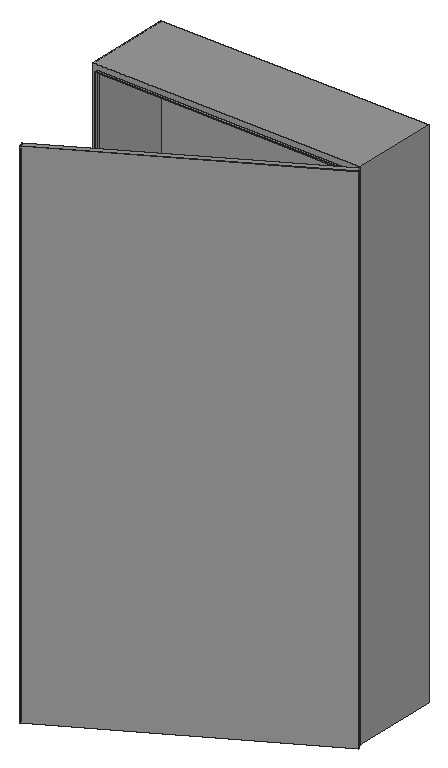
Revit family "Hager-Univers-IP55-D275-H1550-Cl.I-Steel_encl-NoHosted-SE-en", category Equipement électrique, Revit 2020
Family settings
  Configuration du panneau = Deux colonnes, circuits au sein
  Cote de connecteur circulaire = Utiliser le diamètre
  Type d'élément = Tableau de raccordement
  Basée sur le plan de construction = Oui
  Toujours verticalement = Oui
  Couper avec des vides une fois chargée = Non
  Partagée = Non
  Point de calcul de pièce = Non
Parameters (values of type "Surface mounted (plaster) IP55 W800 H1550 D275  - FR03E")
  Width Control [instance] = if([EF000008 - Width] > Min Width, [EF000008 - Width], Min Width)  # 800 mm
  Commentaires du type = [HG000003 - Range]  # "Univers"
  Thickness Door [instance] = if([EF009171 - Material plate thickness door/cover] > 3 mm, 3 mm, [EF009171 - Material plate thickness door/cover])  # 1.5 mm
  Seal Frame Offset [instance] = 17 mm  # constant formula
  Plinth Visibility [instance] = [HG000027 - Plinth height] > 0 mm  # no
  Min Width [instance] = 100 mm  # constant formula
  Min Depth [instance] = (2 * [EF009170 - Material plate thickness cabinet]) + 1 mm  # 4 mm
  Min Height [instance] = 100 mm  # constant formula
  Internal Frame Depth [instance] = (Door System Depth * 0.5)  # 9 mm
  Panel Name [instance] = ""  # (empty or 0)
  Model = ""
  HG000027 - Plinth height = 0 mm
  HG000026 - Floor standing = no
  HG000024 - Bottom section height = 600 mm
  HG000023 - Double section enclosure = no
  HG000016 - Door 3d visibility [instance] = yes
  HG000015 - Clearance visibility [instance] = no
  HG000014 - Door on the right [instance] = yes
  HG000013 - Door on the left [instance] = not([HG000014 - Door on the right])  # no
  HG000012 - Door swing angle [instance] = 30.00°
  HG000010 - Asymmetric doors = no
  HG000009 - Double swing door = no
  HG000006 - Flush mounted = no
  HG000004 - Manufacturer reference = "FR03E"
  HG000003 - Range = "Univers"
  HG000002 - With door or cover = yes
  Frame Offset Bottom [instance] = 10 mm  # constant formula
  Frame Offset [instance] = 15 mm  # constant formula
  EF015940 - Cover with overpressure release = no
  EF011959 - Degree of protection (NEMA) = ""
  EF009554 - Number of openings for flange plates = 6
  EF009212 - Cover model = "EV000116 - Closed"
  EF009171 - Material plate thickness door/cover = 1.5 mm
  EF009170 - Material plate thickness cabinet = 1.5 mm
  EF008873 - Nominal current (In) = 800 A
  EF007800 - Suitable for lightning protection = no
  EF006306 - With lock = no
  EF006244 - Transparent cover/door = no
  EF005474 - Degree of protection (IP) = "EV006420 - IP55"
  EF004464 - Type of door = "EV002646 - Single"
  EF004427 - Number of modules = 360
  EF004293 - Impact strength = "EV008784 - IK10"
  EF003532 - Suitable for outdoor use = no
  EF002950 - Width in number of modular spacings = 24
  EF001613 - Circuit integrity = "EV000494 - None"
  EF001596 - Material housing = "EV000179 - Steel"
  EF001131 - Internal depth = 275 mm
  EF001088 - Extension possible = yes
  EF000437 - Number of conduit inlets = 6
  EF000339 - Type of cover = "EV004216 - Door"
  EF000266 - Number of rows = 10
  EF000218 - Built-in depth = 0 mm
  EF000118 - With mounting plate = no
  EF000116 - RAL-number = "7035"
  EF000049 - Depth = 275 mm
  EF000040 - Height = 1550 mm
  EF000008 - Width = 800 mm
  EF000007 - Colour = "EV000270 - Grey"
  EF000003 - Mounting method = "EV000384 - Surface mounted (plaster)"
  Door System Leaf Tolerance [instance] = 1.5 mm  # constant formula
  Door System Depth [instance] = 18 mm  # constant formula
  Door Height [instance] = Height Control - [HG000027 - Plinth height]  # 1550 mm
  Description = ""
  Default Elevation = 1219.2 mm
  Connector Offset [instance] = Height Control / 2  # 775 mm
  Fabricant = "Hager"  # constant formula
  Height Control [instance] = if([EF000040 - Height] > Min Height, [EF000040 - Height], Min Height)  # 1550 mm
  Depth Control [instance] = if([EF000049 - Depth] > Min Depth, [EF000049 - Depth], Min Depth)  # 275 mm
  Bottom Top Plate Trim [instance] = 1.5 mm  # constant formula
  Plinth height Ctrl [instance] = if([HG000027 - Plinth height] > 0 mm, [HG000027 - Plinth height], 12 mm)  # 12 mm
Types (5, lengths in mm): name | Width Control | HG000010 - Asymmetric doors | HG000009 - Double swing door | HG000004 - Manufacturer reference | EF009554 - Number of openings for flange plates | EF004464 - Type of door | EF004427 - Number of modules | EF000437 - Number of conduit inlets | EF000008 - Width
  Surface mounted (plaster) IP55 W1050 H1550 D275  - FR04E | 1050 | no | yes | "FR04E" | 8 | "EV003602 - Double" | 480 | 8 | 1050
  Surface mounted (plaster) IP55 W1300 H1550 D275  - FR05E | 1300 | yes | yes | "FR05E" | 10 | "EV003602 - Double" | 600 | 10 | 1300
  Surface mounted (plaster) IP55 W300 H1550 D275  - FR01E | 300 | no | no | "FR01E" | 2 | "EV002646 - Single" | 120 | 2 | 300
  Surface mounted (plaster) IP55 W550 H1550 D275  - FR02E | 550 | no | no | "FR02E" | 4 | "EV002646 - Single" | 240 | 4 | 550
  Surface mounted (plaster) IP55 W800 H1550 D275  - FR03E | 800 | no | no | "FR03E" | 6 | "EV002646 - Single" | 360 | 6 | 800
Reference planes
  plane 1 "Center (Front/Back)": y = 0
  plane 2: z = 0
  plane 3 "Center (Left/Right)": x = 0
  plane 4: y = 0
  plane 5: y = 0
  plane 6: z = 0
  plane 7: x = -400
  plane 8: x = 400
  plane 9: x = 398.5
  plane 10: x = -398.5
  plane 11: z = 0
  plane 12: z = 1.5
  plane 13: y = -275
  plane 14: y = -1.5
  plane 15: x = 0
  plane 16: y = -257
  plane 17: y = -273.5
  plane 18: y = -255.5
  plane 19: x = -383.5
  plane 20: x = 383.5
  plane 21: z = 11.5
  plane 22: x = -383
  plane 23: x = 383
  plane 24: z = 0
  plane 25: z = 1550
  plane 26: z = 1550
  plane 27: z = 1533.5
  plane 28: z = 1548.5
Forms (mm)
  Extrusion 1, solid, material "Hager_Steel_RAL7035_Light_Grey", detail levels medium+fine
    sketch origin (-208.679, -4572, 0) x (-1, 0, 0) y (0, -1, 0)
      loop
        line (191.321, -4315) -> (-608.679, -4315) -> (-608.679, -4572) -> (191.321, -4572) -> (191.321, -4315)
    from 0 to 1550
  Extrusion 2, void
    sketch origin (-350.771, -275, 1219.2) x (1, 0, 0) y (0, 0, 1)
      loop
        line (-47.729, 329.3) -> (-47.729, -1217.7) -> (749.271, -1217.7) -> (749.271, 329.3) -> (-47.729, 329.3)
    from -19.5 to -273.5
  Extrusion 3, void
    sketch origin (-290.084, -257, 1219.2) x (1, 0, 0) y (0, 0, 1)
      loop
        line (-93.416, -1207.7) -> (673.584, -1207.7) -> (673.584, 314.3) -> (-93.416, 314.3) -> (-93.416, -1207.7)
    from 0 to -1.5
  Extrusion 4, solid, material "Hager_Steel_RAL7035_Light_Grey", visible <- "Plinth Visibility", detail levels medium+fine
    sketch origin (0, 0, 0) x (1, 0, 0) y (0, 1, 0)
      loop
        line (-400, 0) -> (-400, -257) -> (400, -257) -> (400, 0) -> (-400, 0)
    from 0 to 12 <- "Plinth height Ctrl"
  Extrusion 5, solid, material "Hager_Steel_RAL7035_Light_Grey", detail levels coarse
    sketch origin (0, 0, 0) x (1, 0, 0) y (0, 1, 0)
      loop
        line (-400, 0) -> (-400, -275) -> (400, -275) -> (400, 0) -> (-400, 0)
    from 0 to 1550 <- "Height Control"
  Sweep 6, void
    path in 3D
      loop
        line (-400, -257, 12) -> (400, -257, 12) -> (400, 0, 12) -> (-400, 0, 12) -> (-400, -257, 12)
    profile origin (-400, -128.5, 12) x (1, 0, 0) y (0, 0, 1)
      loop
        line (0, 0) -> (0, -1.5) -> (1.5, -1.5)
        arc (1.5, -1.5) -> (1.061, -0.439) -> (0, 0) r 1.5
  Extrusion 7, solid, material "Hager_Steel_RAL7035_Light_Grey", detail levels fine
    sketch origin (-400, -257, 0) x (1, 0, 0) y (0, 0, 1)
      loop
        line (16.5, 11.5) -> (783.5, 11.5) -> (783.5, 1533.5) -> (16.5, 1533.5) -> (16.5, 11.5)
      loop
        line (15, 10) -> (785, 10) -> (785, 1535) -> (15, 1535) -> (15, 10)
    from 0 to 9 <- "Internal Frame Depth"
Cuts and joins
  Extrusion 2, Extrusion 3 cuts Extrusion 1
  Sweep 6 cuts Extrusion 4
Lines and regions (mm)
  Masking region 1
    outline origin (0, 0, 0) x (1, 0, 0) y (0, 1, 0)
      loop
        line (-400, 0) -> (-400, -275) -> (400, -275) -> (400, 0) -> (-400, 0)
  Masking region 2, detail levels coarse
    outline origin (-290.084, -257, 1219.2) x (-1, 0, 0) y (0, 0, 1)
      loop
        line (-690.084, -1219.2) -> (109.916, -1219.2) -> (109.916, 330.8) -> (-690.084, 330.8) -> (-690.084, -1219.2)
  Masking region 3, detail levels coarse
    outline origin (0, 0, 0) x (0, 1, 0) y (0, 0, 1)
      loop
        line (0, 0) -> (0, 1550) -> (-275, 1550) -> (-275, 0) -> (0, 0)
  Masking region 4, visible <- "Plinth Visibility", detail levels medium+fine
    outline origin (0, 0, 0) x (0, 1, 0) y (0, 0, 1)
      loop
        line (-1.5, 12) -> (-255.5, 12)
        arc (-255.5, 12) -> (-255.939, 10.939) -> (-257, 10.5) r 1.5
        line (-257, 10.5) -> (-257, 0) -> (0, 0) -> (0, 10.5)
        arc (0, 10.5) -> (-1.061, 10.939) -> (-1.5, 12) r 1.5
  Masking region 5, detail levels medium+fine
    outline origin (0, 0, 594.038) x (0, 1, 0) y (0, 0, 1)
      loop
        line (0, -594.038) -> (0, 955.962) -> (-257, 955.962) -> (-257, -594.038) -> (0, -594.038)
  Masking region 6, detail levels medium+fine
    outline origin (-359.7, -257, 1211.883) x (-1, 0, 0) y (0, 0, 1)
      loop
        line (-759.7, -1211.883) -> (40.3, -1211.883) -> (40.3, 338.117) -> (-759.7, 338.117) -> (-759.7, -1211.883)
  Masking region 7, visible <- "Plinth Visibility", detail levels medium+fine
    outline origin (-320.334, -257, 1041.368) x (-1, 0, 0) y (0, 0, 1)
      loop
        line (-720.334, -1041.368) -> (79.666, -1041.368) -> (79.666, -1030.868)
        arc (79.666, -1030.868) -> (78.606, -1030.429) -> (78.166, -1029.368) r 1.5
        line (78.166, -1029.368) -> (-718.834, -1029.368)
        arc (-718.834, -1029.368) -> (-719.273, -1030.429) -> (-720.334, -1030.868) r 1.5
        line (-720.334, -1030.868) -> (-720.334, -1041.368)
  sketch lines
    curve 1: line (-400, 0, 12) -> (-400, -257, 12)
    curve 2: line (-400, -257, 12) -> (400, -257, 12)
    curve 3: line (400, 0, 12) -> (-400, 0, 12)
    curve 4: line (400, -257, 12) -> (400, 0, 12)
Dimensions and locks
  locked: plane 1 "Center (Front/Back)" to plane 5
  "EF009170 - Material plate thickness cabinet": plane 7 to plane 10
  "EF009170 - Material plate thickness cabinet": plane 8 to plane 9
  equal spacing: plane 7, plane 3 "Center (Left/Right)", plane 8
  "Width Control": plane 7 to plane 8
  "Depth Control": plane 4 to plane 13
  "EF009170 - Material plate thickness cabinet": plane 4 to plane 14
  "Height Control": plane 25 to level
  "HG000027 - Plinth height": plane 11 to level
  "EF009170 - Material plate thickness cabinet": plane 12 to plane 11
  "EF009170 - Material plate thickness cabinet": plane 17 to plane 13
  "EF009170 - Material plate thickness cabinet": plane 18 to plane 16
  "Frame Offset Bottom": plane 21 to plane 12
  "Frame Offset": plane 10 to plane 19
  "Frame Offset": plane 9 to plane 20
  "Door System Depth": plane 16 to plane 13
  "Seal Frame Offset": plane 7 to plane 22
  "Seal Frame Offset": plane 8 to plane 23
  "EF009170 - Material plate thickness cabinet": plane 26 to plane 28
  "Frame Offset": plane 28 to plane 27
  "Connector Offset": plane 2 to connector elem
  "Bottom Top Plate Trim": profile plane to Sweep 6 sketch curve
  "Bottom Top Plate Trim": Sweep 6 sketch curve to Sweep 6 sketch curve
  "Plinth height Ctrl": Masking region 4 sketch curve to level
  "Plinth height Ctrl": Masking region 7 sketch curve to level
  "Thickness Door": Extrusion 7 sketch curve to Extrusion 7 sketch curve  (x4)
  "Bottom Top Plate Trim": radius of Sweep 6 sketch curve
  "Bottom Top Plate Trim": radius of Masking region 4 sketch curve  (x2)
  "Bottom Top Plate Trim": radius of Masking region 7 sketch curve  (x2)
  aligned and locked: Extrusion 2 sketch curve to plane 12
  aligned and locked: Extrusion 2 sketch curve to plane 9
  aligned and locked: Extrusion 2 sketch curve to plane 10
  aligned and locked: Extrusion 2 to plane 14
  aligned and locked: Extrusion 1 sketch curve to plane 4
  aligned and locked: plane 8 to Extrusion 1 sketch curve
  aligned and locked: plane 7 to Extrusion 1 sketch curve
  aligned and locked: Extrusion 2 to plane 18
  aligned and locked: Extrusion 3 sketch curve to plane 19
  aligned and locked: plane 20 to Extrusion 3 sketch curve
  aligned and locked: Extrusion 3 to Extrusion 2
  aligned and locked: Extrusion 3 sketch curve to plane 21
  aligned and locked: plane 3 "Center (Left/Right)" to nested 1
  aligned and locked: Extrusion 1 sketch curve to plane 16
  aligned and locked: Extrusion 4 sketch curve to cut or joined group of Extrusion 1, Extrusion 2, Extrusion 3
  aligned and locked: Masking region 1 sketch curve to plane 7
  aligned and locked: Masking region 1 sketch curve to plane 5
  aligned and locked: Masking region 1 sketch curve to plane 8
  aligned and locked: Masking region 2 sketch curve to level
  aligned and locked: level to Masking region 3 sketch curve
  aligned and locked: plane 1 "Center (Front/Back)" to Masking region 3 sketch curve
  aligned and locked: plane 13 to Masking region 3 sketch curve
  aligned and locked: plane 5 to Masking region 4 sketch curve
  aligned and locked: Masking region 2 sketch curve to plane 8
  aligned and locked: Masking region 2 sketch curve to plane 7
  aligned and locked: plane 7 to nested 2
  aligned and locked: nested 2 to plane 5
  aligned and locked: plane 5 to Masking region 5 sketch curve
  aligned and locked: plane 26 to Masking region 5 sketch curve
  aligned and locked: Extrusion 5 sketch curve to plane 8
  aligned and locked: Extrusion 5 sketch curve to plane 7
  aligned and locked: Extrusion 5 sketch curve to plane 5
  aligned and locked: Extrusion 3 sketch curve to plane 27
  aligned and locked: Extrusion 2 sketch curve to plane 28
  aligned and locked: Masking region 2 to plane 25
  aligned and locked: Extrusion 4 to plane 16
  aligned and locked: profile plane to Sweep 6 sketch curve
  aligned and locked: Masking region 5 sketch curve to plane 24
  aligned and locked: level to Masking region 4 sketch curve
  aligned and locked: Masking region 1 to plane 13
  aligned and locked: nested 1 to plane 16
  aligned and locked: Masking region 3 to plane 25
  aligned and locked: plane 16 to Masking region 4 sketch curve
  aligned and locked: Masking region 5 sketch curve to plane 16
  aligned and locked: plane 24 to plane 11
  aligned and locked: plane 26 to plane 25
  aligned and locked: plane 26 to cut or joined group of Extrusion 1, Extrusion 2, Extrusion 3
  aligned and locked: nested 1 to plane 24
  aligned and locked: Extrusion 1 to Extrusion 3
  aligned and locked: Masking region 6 sketch curve to plane 8
  aligned and locked: Masking region 6 sketch curve to plane 24
  aligned and locked: Masking region 6 sketch curve to plane 7
  aligned and locked: Masking region 6 sketch curve to plane 26
  aligned and locked: Masking region 7 sketch curve to plane 7
  aligned and locked: level to Masking region 7 sketch curve
  aligned and locked: Masking region 7 sketch curve to plane 8
  aligned and locked: Extrusion 7 sketch curve to cut or joined group of Extrusion 1, Extrusion 2, Extrusion 3  (x4)
Automatic sketch dimensions
  plane 19 to Extrusion 3 sketch curve = 0 mm
  Extrusion 3 sketch curve to plane 20 = 0 mm
  Extrusion 3 sketch curve to plane 21 = 0 mm
  Extrusion 4 sketch curve to plane 7 = 0 mm
  Extrusion 4 sketch curve to plane 8 = 0 mm
  Extrusion 4 sketch curve to plane 16 = 0 mm
  Masking region 1 sketch curve to plane 13 = 0 mm
  Masking region 2 sketch curve to plane 25 = 0 mm
  Masking region 3 sketch curve to plane 25 = 0 mm
  Extrusion 5 sketch curve to plane 13 = 0 mm
  profile plane to Sweep 6 sketch curve = 0 mm
Nested families
  nested 1: "EC000058_Univers_Door" at (0, -257, 0), Double <- "HG000009 - Double swing door", Transparent <- "EF006244 - Transparent cover/door", Angle <- "HG000012 - Door swing angle", Door_Right <- "HG000014 - Door on the right", Assymetrical <- "HG000010 - Asymmetric doors", Door <- "HG000002 - With door or cover", Width_Ctrl <- "Width Control", 3d_Door <- "HG000016 - Door 3d visibility", Clearance <- "HG000015 - Clearance visibility", Door_Left <- "HG000013 - Door on the left", Width <- "Width Control", Door_Depth <- "Door System Depth", Leaf_Tolerance <- "Door System Leaf Tolerance", Height <- "Door Height", Lock_Visibility <- "EF006306 - With lock", Thickness <- "Thickness Door", type "EC000058_Univers_Door", detail levels medium+fine
    with min_wh 4 mm, Width_Ctrl 800 mm, Width 800 mm, Transparent no, Thickness 1.5 mm, Seal_Material Hager_Rubber, Lock_Visibility no, Lock_Material Hager_Plastic_RAL9005_Jet_Black, Leaf_Width 800 mm, Leaf_Tolerance_External_Sides 0 mm, Leaf_Tolerance 1.5 mm, Leaf_Offset 0 mm, Leaf_Height 1547 mm, Leaf_2_Width 800 mm, Leaf_2_Offset 400 mm, Leaf_1_Width 800 mm, Leaf_1_Offset 400 mm, Height_Ctrl 1550 mm, Height 1550 mm, Glass_Material Hager_Glass, Double_Clearance_Ctrl no, Double no, Door_Right_Ctrl yes, Door_Right yes, Door_Material Hager_Steel_RAL7035_Light_Grey, Door_Left_Ctrl no, Door_Left no, Door_Depth 18 mm, Door yes, Clearance_Material Hager_Clearance, Clearance_Depth 800 mm, Clearance_Ctrl no, Clearance no, Assymetrical no, Angle 30.00°, 3d_Door yes
  nested 2: "Hager_Enclosure_Symbol" at (-400, 0, 0), Height <- "Depth Control", Width <- "Width Control", type "Hager_Enclosure_Symbol"
    with Width_Ctrl 800 mm, Width 800 mm, Height_Ctrl 275 mm, Height 275 mm, A_Width_Int 18.047 mm, A_Width 216.562 mm, A_Height_Ctrl 240.625 mm, A_Height 240.625 mm
Connectors
  electrical at (0, 0, 775)
    settings: on plane 1 "Center (Front/Back)", index 1, voltage 0 V, apparent load 0 VA, apparent load phase1 0 VA, apparent load phase2 0 VA, apparent load phase3 0 VA, power factor 1, load classification "Other", number of poles 1, system type 30, power factor state 1, is connector primary yes, connector utility no, sub classification motor no, connector description ""
Definition of nested family "EC000058_Univers_Door"
  Parameters (values of type "EC000058_Univers_Door")
    min_wh [instance] = (2 * Thickness) + 1 mm  # 11 mm
    Width_Ctrl [instance] = 400 mm
    Width [instance] = 500 mm
    Transparent [instance] = yes
    Thickness [instance] = 5 mm
    Seal_Material [instance] = none
    Lock_Visibility [instance] = yes
    Lock_Material [instance] = none
    Leaf_Width [instance] = if((Width_Ctrl - 2 * Leaf_Tolerance_External_Sides) > 0 mm, (Width_Ctrl - 2 * Leaf_Tolerance_External_Sides), min_wh)  # 400 mm
    Leaf_Tolerance_External_Sides [instance] = 0 mm  # constant formula
    Leaf_Tolerance [instance] = 1.5 mm
    Leaf_Offset [instance] = 0 mm  # constant formula
    Leaf_Height [instance] = if((Height_Ctrl - 2 * Leaf_Tolerance) > 0 mm, (Height_Ctrl - 2 * Leaf_Tolerance), min_wh)  # 497 mm
    Leaf_2_Width [instance] = if(and(and(Double, Assymetrical), Door_Left), (Leaf_Width / 3) - (Leaf_Tolerance / 2), if(and(and(Double, Assymetrical), Door_Right), (Leaf_Width / 3) * 2 - (Leaf_Tolerance / 2), if(and(Double, not(Assymetrical)), (Leaf_Width / 2) - Leaf_Tolerance, Leaf_Width)))  # 400 mm
    Leaf_2_Offset [instance] = if(and(Double, Assymetrical), Leaf_2_Width / 2, if(and(Double, not(Assymetrical)), Leaf_Width / 4, Leaf_Width / 2))  # 200 mm
    Leaf_1_Width [instance] = if(and(and(Double, Assymetrical), Door_Right), (Leaf_Width / 3) - (Leaf_Tolerance / 2), if(and(and(Double, Assymetrical), Door_Left), (Width / 3) * 2 - (Leaf_Tolerance / 2), if(and(Double, not(Assymetrical)), (Leaf_Width / 2) - Leaf_Tolerance, Leaf_Width)))  # 400 mm
    Leaf_1_Offset [instance] = if(and(Double, Assymetrical), Leaf_1_Width / 2, if(and(Double, not(Assymetrical)), Leaf_Width / 4, Leaf_Width / 2))  # 200 mm
    Height_Ctrl [instance] = if(Height > min_wh, Height, min_wh)  # 500 mm
    Height [instance] = 500 mm
    Glass_Material [instance] = none
    Double_Clearance_Ctrl [instance] = and(Double, Clearance)  # no
    Double [instance] = no
    Door_Right_Ctrl [instance] = and(or(Door_Right, Double), Door)  # yes
    Door_Right [instance] = yes
    Door_Material [instance] = none
    Door_Left_Ctrl [instance] = and(or(Door_Left, Double), Door)  # no
    Door_Left [instance] = no
    Door_Depth [instance] = 30 mm
    Door [instance] = yes
    Default Elevation = 1219.2 mm
    Clearance_Material [instance] = none
    Clearance_Depth [instance] = if(Leaf_1_Width > Leaf_2_Width, Leaf_1_Width, Leaf_2_Width)  # 400 mm
    Clearance_Ctrl [instance] = and(not(Double), Clearance)  # yes
    Clearance [instance] = yes
    Assymetrical [instance] = yes
    Angle [instance] = 30.00°
    3d_Door [instance] = yes
  Reference planes
    plane 1 "Center (Front/Back)": y = 0
    plane 2 "Bottom": z = 0
    plane 3 "Center (Left/Right)": x = 0
    plane 4: z = 500
    plane 5: x = -200
    plane 6: x = 200
    plane 7: z = 500
    plane 8: x = -200
    plane 9: z = 0
    plane 10: x = 200
    plane 11: y = 0
    plane 12: z = 1.5
    plane 13: x = -600
    plane 14: y = -400
    plane 15: x = 600
    plane 16: x = 0
    plane 17: x = 0
    plane 18: x = -200
    plane 19: x = 200
    plane 20: z = 498.5
  Forms (mm)
    Extrusion 1, solid, material <- "Clearance_Material", visible <- "Double_Clearance_Ctrl"
      sketch origin (1200, 0, 0) x (1, 0, 0) y (0, 0, -1)
        loop
          line (-1800, -498.5) -> (-600, -498.5) -> (-600, 0) -> (-1800, 0) -> (-1800, -498.5)
      from 0 to -400
  Dimensions and locks
    equal spacing: plane 5, plane 3 "Center (Left/Right)", plane 6
    "Width_Ctrl": plane 5 to plane 6
    "Leaf_Offset": plane 5 to plane 8
    "Leaf_Offset": plane 6 to plane 10
    "Leaf_Offset": plane 9 to level
    "Leaf_Offset": plane 4 to plane 7
    "Height_Ctrl": plane 4 to level
    "Leaf_Tolerance": plane 12 to plane 9
    locked: plane 11 to plane 1 "Center (Front/Back)"
    "Leaf_1_Offset": plane 18 to plane 16
    "Leaf_2_Offset": plane 17 to plane 19
    "Leaf_1_Width": plane 13 to plane 8
    "Leaf_2_Width": plane 10 to plane 15
    "Clearance_Depth": plane 14 to plane 1 "Center (Front/Back)"
    "Leaf_Tolerance_External_Sides": plane 8 to plane 18
    "Leaf_Tolerance_External_Sides": plane 19 to plane 10
    "Leaf_Tolerance": plane 7 to plane 20
    aligned and locked: level to plane 2 "Bottom"
    aligned and locked: nested 1 to plane 16
    aligned and locked: nested 2 to plane 17
    aligned and locked: Extrusion 1 to plane 13
    aligned and locked: plane 15 to Extrusion 1
    aligned and locked: Extrusion 1 to plane 14
    aligned and locked: plane 12 to nested 1
    aligned and locked: nested 2 to plane 12
    aligned and locked: Extrusion 1 to plane 11
    aligned and locked: plane 20 to Extrusion 1
    aligned and locked: nested 2 to plane 11
    aligned and locked: nested 1 to plane 11
  Automatic sketch dimensions
    Extrusion 1 sketch curve to level = 0 mm
    plane 5 to Extrusion 1 sketch curve = 400 mm
    plane 6 to Extrusion 1 sketch curve = 400 mm
    Extrusion 1 sketch curve to plane 4 = 1.5 mm
  Nested families
    nested 1: "EC000058_Univers_Door_Leaf" at (0, 0, 1.5), Width <- "Leaf_1_Width", visible <- "Door_Left_Ctrl", Leaf_Height <- "Leaf_Height", Angle <- "Angle", 3d_Door <- "3d_Door", Transparent <- "Transparent", Clearance Material <- "Clearance_Material", Clearance <- "Clearance_Ctrl", Door_Material <- "Door_Material", Glass_Material <- "Glass_Material", Door_Depth <- "Door_Depth", Lock_Material <- "Lock_Material", Seal_Material <- "Seal_Material", Lock_Visibility <- "Lock_Visibility", Thickness <- "Thickness", type "EC000058_Univers_Door_Leaf"
      with Width 400 mm, Transparent_Glass_Offset 30 mm, Transparent_Ctrl yes, Transparent yes, Thickness 5 mm, Standard no, Seal_Material none, Seal_D2 8 mm, Seal_D1 1 mm, Offset_Internal_Frame 10 mm, Lock_Width 20 mm, Lock_Visibility_3d yes, Lock_Visibility yes, Lock_Thickness_3 3 mm, Lock_Thickness_2 1 mm, Lock_Thickness_1 3 mm, Lock_Radius_Offset_2 16 mm, Lock_Radius_Offset_1 15 mm, Lock_Radius_2 5 mm, Lock_Radius 6 mm, Lock_Offset 5 mm, Lock_Material none, Lock_Height 80 mm, Lock_Cover_Top_Offset_2d 17 mm, Lock_Cover_Height -65 mm, Leaf_Height 497 mm, Internal_Seal_Thickness 8 mm, Internal_Seal_Depth_2 4.5 mm, Internal_Frame_Depth 25 mm, Glass_Thickness -1 mm, Glass_Offset -2 mm, Glass_Material none, Door_Material none, Door_Depth 30 mm, Clearance Material none, Clearance yes, Angle_Ctrl 30.00°, Angle 30.00°, 3d_Door yes
    nested 2: "EC000058_Univers_Door_Leaf" at (0, 0, 1.5) x (-1, 0, 0) z (0, 0, 1), Width <- "Leaf_2_Width", visible <- "Door_Right_Ctrl", Leaf_Height <- "Leaf_Height", Angle <- "Angle", 3d_Door <- "3d_Door", Transparent <- "Transparent", Clearance Material <- "Clearance_Material", Clearance <- "Clearance_Ctrl", Door_Material <- "Door_Material", Glass_Material <- "Glass_Material", Door_Depth <- "Door_Depth", Lock_Material <- "Lock_Material", Seal_Material <- "Seal_Material", Lock_Visibility <- "Lock_Visibility", Thickness <- "Thickness", type "EC000058_Univers_Door_Leaf"
      with Width 400 mm, Transparent_Glass_Offset 30 mm, Transparent_Ctrl yes, Transparent yes, Thickness 5 mm, Standard no, Seal_Material none, Seal_D2 8 mm, Seal_D1 1 mm, Offset_Internal_Frame 10 mm, Lock_Width 20 mm, Lock_Visibility_3d yes, Lock_Visibility yes, Lock_Thickness_3 3 mm, Lock_Thickness_2 1 mm, Lock_Thickness_1 3 mm, Lock_Radius_Offset_2 16 mm, Lock_Radius_Offset_1 15 mm, Lock_Radius_2 5 mm, Lock_Radius 6 mm, Lock_Offset 5 mm, Lock_Material none, Lock_Height 80 mm, Lock_Cover_Top_Offset_2d 17 mm, Lock_Cover_Height -65 mm, Leaf_Height 497 mm, Internal_Seal_Thickness 8 mm, Internal_Seal_Depth_2 4.5 mm, Internal_Frame_Depth 25 mm, Glass_Thickness -1 mm, Glass_Offset -2 mm, Glass_Material none, Door_Material none, Door_Depth 30 mm, Clearance Material none, Clearance yes, Angle_Ctrl 30.00°, Angle 30.00°, 3d_Door yes
  Definition of nested family "EC000058_Univers_Door_Leaf"
    Parameters (values of type "EC000058_Univers_Door_Leaf")
      Width [instance] = 2000 mm
      Transparent_Glass_Offset [instance] = 30 mm
      Transparent_Ctrl [instance] = and(Transparent, [3d_Door])  # yes
      Transparent [instance] = yes
      Thickness [instance] = 5 mm
      Standard [instance] = and(not(Transparent), [3d_Door])  # no
      Seal_Material [instance] = none
      Seal_D2 [instance] = 8 mm  # constant formula
      Seal_D1 [instance] = 1 mm  # constant formula
      Offset_Internal_Frame [instance] = 10 mm  # constant formula
      Lock_Width [instance] = 20 mm  # constant formula
      Lock_Visibility_3d [instance] = and(Lock_Visibility, [3d_Door])  # yes
      Lock_Visibility [instance] = yes
      Lock_Thickness_3 [instance] = 3 mm  # constant formula
      Lock_Thickness_2 [instance] = 1 mm  # constant formula
      Lock_Thickness_1 [instance] = 3 mm  # constant formula
      Lock_Radius_Offset_2 [instance] = Lock_Radius_Offset_1 + 1 mm  # 16 mm
      Lock_Radius_Offset_1 [instance] = 15 mm  # constant formula
      Lock_Radius_2 [instance] = Lock_Radius - 1 mm  # 5 mm
      Lock_Radius [instance] = 6 mm  # constant formula
      Lock_Offset [instance] = 5 mm  # constant formula
      Lock_Material [instance] = none
      Lock_Height [instance] = 80 mm  # constant formula
      Lock_Cover_Top_Offset_2d [instance] = Lock_Radius_Offset_2 + 1 mm  # 17 mm
      Lock_Cover_Height [instance] = -(Lock_Height - Lock_Radius_Offset_1)  # -65 mm
      Leaf_Height [instance] = 2720.336 mm
      Internal_Seal_Thickness [instance] = 8 mm  # constant formula
      Internal_Seal_Depth_2 [instance] = 4.5 mm  # constant formula
      Internal_Frame_Depth [instance] = if(Door_Depth - Thickness > 5 mm, Door_Depth - Thickness, 5 mm)  # 25 mm
      Glass_Thickness [instance] = if(Thickness > 15 mm, Glass_Offset + 10 mm, -1 mm)  # -1 mm
      Glass_Offset [instance] = if(Thickness > 15 mm, -(Thickness + 10 mm) / 2, -2 mm)  # -2 mm
      Glass_Material [instance] = none
      Door_Material [instance] = none
      Door_Depth [instance] = 30 mm
      Default Elevation = 0 mm
      Clearance Material [instance] = none
      Clearance [instance] = yes
      Angle_Ctrl [instance] = if(Angle > 180.00°, 180.00°, Angle)  # 90.00°
      Angle [instance] = 90.00°
      3d_Door [instance] = yes
    Reference planes
      plane 1 "Center (Front/Back)": y = 0
      plane 2: z = 0
      plane 3 "Center (Left/Right)": x = 0
      plane 4: y = 2000
      plane 5: x = -1000
      plane 6: x = 1000
      plane 7: x = -3000
      plane 8: z = 2720.336
      plane 9: z = 30
      plane 10: z = 2690.336
      plane 11: x = 970
      plane 12: x = -970
      plane 13: y = -3
      plane 14: z = 107.833
      plane 15: y = -5
      plane 16: y = -223.314
      plane 17: x = -1000
      plane 18: z = 1360.168
      plane 19: y = 30
    Forms (mm)
      Extrusion 1, solid, material <- "Clearance Material", visible <- "Clearance"
        sketch origin (0, 0, 0) x (1, 0, 0) y (0, 0, 1)
          loop
            line (-3000, 2720.336) -> (-3000, 0) -> (1000, 0) -> (1000, 2720.336) -> (-3000, 2720.336)
        from 0 to -2000
      Extrusion 2, solid, material <- "Door_Material", visible <- "Standard", detail levels medium+fine
        sketch origin (-1000, 0, 0) x (0, 1, 0) y (-1, 0, 0)
          loop
            line (0, 30) -> (0, 25) -> (2000, 25) -> (2000, 30) -> (0, 30)
        from 0 to 2720.336 <- "Leaf_Height"
      Extrusion 3, solid, material <- "Door_Material", visible <- "Transparent_Ctrl", detail levels medium+fine
        sketch origin (-1000, 0, 0) x (0, 1, 0) y (-1, 0, 0)
          loop
            line (0, 25) -> (2000, 25) -> (2000, 30) -> (0, 30) -> (0, 25)
        from 0 to 2720.336 <- "Leaf_Height"
      Extrusion 4, void
        sketch origin (-1025, 2000, 0) x (0, 1, 0) y (0, 0, -1)
          loop
            line (-30, -2690.336) -> (-30, -30) -> (-1970, -30) -> (-1970, -2690.336) -> (-30, -2690.336)
        from 0 to 5 <- "Thickness"
      Sweep 5, solid, material <- "Seal_Material", visible <- "Transparent_Ctrl", detail levels fine
        path in 3D
          loop
            line (-1025, 30, 30) -> (-1025, 30, 2690.336) -> (-1025, 1970, 2690.336) -> (-1025, 1970, 30) -> (-1025, 30, 30)
        profile origin (-1025, 1000, 30) x (1, 0, 0) y (0, 0, 1)
          loop
            line (0, 0) -> (0, -8) -> (1, -8) -> (1, 0) -> (0, 0)
      Extrusion 6, solid, material <- "Glass_Material", visible <- "Transparent_Ctrl", detail levels medium+fine
        sketch origin (-1030, 0, 0) x (0, 1, 0) y (0, 0, -1)
          loop
            line (1970, -2690.336) -> (1970, -30) -> (30, -30) -> (30, -2690.336) -> (1970, -2690.336)
        from -2 <- "Glass_Offset" to -1 <- "Glass_Thickness"
      Extrusion 7, solid, material <- "Door_Material", visible <- "3d_Door", detail levels medium+fine
        sketch origin (-1025, 2000, 0) x (0, -1, 0) y (0, 0, -1)
          loop
            line (0, -2720.336) -> (2000, -2720.336) -> (2000, 0) -> (0, 0) -> (0, -2720.336)
          loop
            line (1995, -5) -> (5, -5) -> (5, -2715.336) -> (1995, -2715.336) -> (1995, -5)
        from 0 to 25 <- "Internal_Frame_Depth"
      Sweep 8, solid, material <- "Seal_Material", visible <- "Transparent_Ctrl", detail levels fine
        path in 3D
          loop
            line (-1025, 0, 0) -> (-1025, 2000, 0) -> (-1025, 2000, 2720.336) -> (-1025, 0, 2720.336) -> (-1025, 0, 0)
        profile origin (-1025, 0, 1360.168) x (1, 0, 0) y (0, 1, 0)
          loop
            line (0, 10) -> (2.975, 10)
            arc (2.975, 10) -> (4.053, 10.447) -> (4.5, 11.525) r 1.525
            line (4.5, 11.525) -> (4.5, 16.527)
            arc (4.5, 16.527) -> (4.069, 17.569) -> (3.027, 18) r 1.473
            line (3.027, 18) -> (0, 18) -> (0, 10)
      Extrusion 9, solid, material <- "Lock_Material", visible <- "Lock_Visibility_3d", detail levels fine
        sketch origin (-1030, 0, 0) x (0, 1, 0) y (0, 0, -1)
          loop
            arc (1993.5, -1400.168) -> (1994.561, -1399.729) -> (1995, -1398.668) r 1.5
            line (1995, -1398.668) -> (1995, -1320.168) -> (1975, -1320.168) -> (1975, -1398.668)
            arc (1975, -1398.668) -> (1975.439, -1399.729) -> (1976.5, -1400.168) r 1.5
            line (1976.5, -1400.168) -> (1993.5, -1400.168)
        from 3 <- "Lock_Thickness_1" to 0
      Blend 10, solid, material <- "Lock_Material", visible <- "Lock_Visibility_3d", detail levels fine
        base sketch origin (-1033, 0, 0) x (0, 1, 0) y (0, 0, -1)
          loop
            line (1975, -1320.168) -> (1975, -1398.668)
            arc (1975, -1398.668) -> (1975.439, -1399.729) -> (1976.5, -1400.168) r 1.5
            line (1976.5, -1400.168) -> (1993.5, -1400.168)
            arc (1993.5, -1400.168) -> (1994.561, -1399.729) -> (1995, -1398.668) r 1.5
            line (1995, -1398.668) -> (1995, -1320.168) -> (1975, -1320.168)
        top sketch origin (-1033, 0, 0) x (0, 1, 0) y (0, 0, -1)
          loop
            line (1976, -1320.168) -> (1976, -1398.668)
            arc (1976, -1398.668) -> (1976.146, -1399.022) -> (1976.5, -1399.168) r 0.5
            line (1976.5, -1399.168) -> (1993.5, -1399.168)
            arc (1993.5, -1399.168) -> (1993.854, -1399.022) -> (1994, -1398.668) r 0.5
            line (1994, -1398.668) -> (1994, -1320.168) -> (1976, -1320.168)
        from 0 to 1 <- "Lock_Thickness_2"
      Blend 11, solid, material <- "Lock_Material", visible <- "Lock_Visibility_3d", detail levels fine
        base sketch origin (-1034, 0, 0) x (0, 1, 0) y (0, 0, -1)
          loop
            line (1978, -1320.168) -> (1978, -1384.168)
            arc (1978, -1384.168) -> (1985, -1391.168) -> (1992, -1384.168) r 7
            line (1992, -1384.168) -> (1992, -1320.168) -> (1978, -1320.168)
        top sketch origin (-1034, 0, 0) x (0, 1, 0) y (0, 0, -1)
          loop
            line (1991, -1320.168) -> (1979, -1320.168) -> (1979, -1383.168)
            arc (1979, -1383.168) -> (1985, -1389.168) -> (1991, -1383.168) r 6
            line (1991, -1383.168) -> (1991, -1320.168)
        from 0 to 3 <- "Lock_Thickness_3"
      Extrusion 12, solid, material <- "Lock_Material", visible <- "Lock_Visibility_3d", detail levels fine
        sketch origin (-1030, 1975, 1320.168) x (1, 0, 0) y (0, -1, 0)
          loop
            line (-7, -19) -> (-7, -1) -> (0, -1) -> (0, 0) -> (-8, 0) -> (-8, -20) -> (0, -20) -> (0, -19) -> (-7, -19)
        from 0 to -65 <- "Lock_Cover_Height"
      Extrusion 13, void
        sketch origin (-1038, 1995, 1320.168) x (-1, 0, 0) y (0, 0, -1)
          loop
            line (-5, -65) -> (0, -65) -> (-5, -60) -> (-5, -65)
        from 0 to 20 <- "Lock_Width"
      Extrusion 14, void
        sketch origin (-1038, 1975, 1320.168) x (0, -1, 0) y (0, 0, -1)
          loop
            circle (-10, -15.995) r 6
          loop
            circle (-10, -15.995) r 5
        from 0 to 2
      Extrusion 15, solid, material <- "Lock_Material", visible <- "Lock_Visibility_3d", detail levels medium
        sketch origin (-1030, 0, 0) x (0, 1, 0) y (0, 0, -1)
          loop
            arc (1993.5, -1400.168) -> (1994.561, -1399.729) -> (1995, -1398.668) r 1.5
            line (1995, -1398.668) -> (1995, -1320.168) -> (1975, -1320.168) -> (1975, -1398.668)
            arc (1975, -1398.668) -> (1975.439, -1399.729) -> (1976.5, -1400.168) r 1.5
            line (1976.5, -1400.168) -> (1993.5, -1400.168)
        from 8 to 0
    Cuts and joins
      Extrusion 4 cuts Extrusion 3
      Extrusion 13, Extrusion 14 cuts Extrusion 9
      Extrusion 14 cuts Blend 11
      Extrusion 13, Extrusion 14 cuts Extrusion 12
      joined: Extrusion 9, Blend 10, Blend 11, Extrusion 12
      Extrusion 14 cuts Extrusion 15
    Lines and regions (mm)
      Masking region 1, visible <- "Lock_Visibility", detail levels fine
        outline origin (0, 0, 0) x (0, 1, 0) y (0, 0, 1)
          loop
            line (30, 1320.168) -> (33, 1320.168) -> (33, 1400.168) -> (30, 1400.168) -> (30, 1320.168)
      Masking region 2, visible <- "Lock_Visibility", detail levels fine
        outline origin (0, 3.143, 0) x (0, 1, 0) y (0, 0, 1)
          loop
            line (29.857, 1354.168) -> (30.857, 1354.168) -> (30.857, 1366.168) -> (29.857, 1366.168) -> (29.857, 1354.168)
      Masking region 3, detail levels medium+fine
        outline origin (0, 0, 0) x (0, 1, 0) y (0, 0, 1)
          loop
            line (0, 0) -> (30, 0) -> (30, 2720.336) -> (0, 2720.336) -> (0, 0)
      Masking region 4, detail levels medium+fine
        outline origin (0, 0, 0) x (1, 0, 0) y (0, 0, 1)
          loop
            line (-1000, 2720.336) -> (-1000, 0) -> (1000, 0) -> (1000, 2720.336) -> (-1000, 2720.336)
      Masking region 5, visible <- "Lock_Visibility", detail levels fine
        outline origin (-47.116, 0, 0) x (1, 0, 0) y (0, 0, 1)
          loop
            arc (1024.616, 1399.168) -> (1023.556, 1398.729) -> (1023.116, 1397.668) r 1.5
            line (1023.116, 1397.668) -> (1023.116, 1320.168) -> (1041.116, 1320.168) -> (1041.116, 1397.668)
            arc (1041.116, 1397.668) -> (1040.677, 1398.729) -> (1039.616, 1399.168) r 1.5
            line (1039.616, 1399.168) -> (1024.616, 1399.168)
      Masking region 6, visible <- "Lock_Visibility", detail levels medium+fine
        outline origin (-25, 0, 0) x (1, 0, 0) y (0, 0, 1)
          loop
            arc (1001.5, 1400.168) -> (1000.439, 1399.729) -> (1000, 1398.668) r 1.5
            line (1000, 1398.668) -> (1000, 1320.168) -> (1020, 1320.168) -> (1020, 1398.668)
            arc (1020, 1398.668) -> (1019.561, 1399.729) -> (1018.5, 1400.168) r 1.5
            line (1018.5, 1400.168) -> (1001.5, 1400.168)
      Masking region 7, visible <- "Lock_Visibility", detail levels fine
        outline origin (-73.735, 0, 0) x (1, 0, 0) y (0, 0, 1)
          loop
            line (1051.735, 1382.168) -> (1065.735, 1382.168) -> (1065.735, 1384.168)
            arc (1065.735, 1384.168) -> (1058.735, 1391.168) -> (1051.735, 1384.168) r 7
            line (1051.735, 1384.168) -> (1051.735, 1382.168)
      Masking region 8, visible <- "Lock_Visibility", detail levels fine
        outline origin (-73.735, 0, 0) x (1, 0, 0) y (0, 0, 1)
          loop
            line (1052.735, 1382.168) -> (1064.735, 1382.168) -> (1064.735, 1383.168)
            arc (1064.735, 1383.168) -> (1058.735, 1389.168) -> (1052.735, 1383.168) r 6
            line (1052.735, 1383.168) -> (1052.735, 1382.168)
      Masking region 9, visible <- "Lock_Visibility", detail levels fine
        outline origin (-25, 0, 0) x (1, 0, 0) y (0, 0, 1)
          loop
            line (1020, 1320.168) -> (1020, 1382.168) -> (1000, 1382.168) -> (1000, 1320.168) -> (1020, 1320.168)
      Masking region 10, detail levels medium+fine
        outline origin (0, 0, 0) x (1, 0, 0) y (0, 0, 1)
          loop
            circle (985, 1335.144) r 6
      Masking region 11, detail levels fine
        outline origin (0, 0, 0) x (1, 0, 0) y (0, 0, 1)
          loop
            circle (985, 1335.144) r 5
      Masking region 12, visible <- "Lock_Visibility", detail levels fine
        outline origin (0, 12.767, 0) x (0, 1, 0) y (0, 0, 1)
          loop
            line (20.233, 1320.168) -> (21.233, 1320.168) -> (21.233, 1399.168) -> (20.233, 1400.168) -> (20.233, 1320.168)
      Masking region 13, visible <- "Lock_Visibility", detail levels fine
        outline origin (0, 13.767, -10) x (0, 1, 0) y (0, 0, 1)
          loop
            line (20.233, 1330.168) -> (23.233, 1330.168) -> (23.233, 1399.168) -> (20.233, 1402.168) -> (20.233, 1330.168)
      Masking region 14, visible <- "Lock_Visibility", detail levels fine
        outline origin (0, 12.767, -10) x (0, 1, 0) y (0, 0, 1)
          loop
            line (20.233, 1330.168) -> (25.233, 1330.168) -> (25.233, 1399.305) -> (20.233, 1394.305) -> (20.233, 1330.168)
      Masking region 15, visible <- "Lock_Visibility", detail levels medium
        outline origin (0, 0, 0) x (0, 1, 0) y (0, 0, 1)
          loop
            line (30, 1320.168) -> (38, 1320.168) -> (38, 1400.168) -> (30, 1400.168) -> (30, 1320.168)
      Masking region 16, visible <- "Lock_Visibility", detail levels fine
        outline origin (-1000, 0, 0) x (0, 1, 0) y (-1, 0, 0)
          loop
            line (1975, 30) -> (1995, 30) -> (1995, 38) -> (1975, 38) -> (1975, 30)
          loop
            line (1979, 37) -> (1976, 37) -> (1976, 34) -> (1978, 34) -> (1979, 37)
          loop
            line (1994, 37) -> (1991, 37) -> (1992, 34) -> (1994, 34) -> (1994, 37)
      Masking region 17, visible <- "Lock_Visibility", detail levels medium
        outline origin (-1000, 0, 0) x (0, 1, 0) y (-1, 0, 0)
          loop
            line (1975, 30) -> (1995, 30) -> (1995, 38) -> (1975, 38) -> (1975, 30)
      symbolic lines
        curve 1: line (1000, 0, 0) -> (-3000, 0, 0)
        curve 2: arc (1000, 0, 0) -> (-1000, 2000, 0) -> (-3000, 0, 0) r 2000
        curve 4: line (-1030, 0, 0) -> (-1030, 2000, 0)
      reference lines
        curve 3: line (-1000, 0, 0) -> (-1000, 2000, 0)
      symbolic lines, detail levels medium+fine
        curve 5: line (-1030, 2000, 0) -> (-1025, 2000, 0)
        curve 7: line (-1025, 0, 0) -> (-1030, 0, 0)
        curve 8: line (-1025, 0, 0) -> (-1000, 0, 0)
        curve 9: line (-1000, 0, 0) -> (-1000, 2000, 0)
        curve 10: line (-1000, 2000, 0) -> (-1025, 2000, 0)
      symbolic lines, detail levels fine
        curve 6: line (-1025, 2000, 0) -> (-1025, 0, 0)
      sketch lines
        curve 11: line (-1025, 0, 2720.336) -> (-1025, 0, 0)
        curve 12: line (-1025, 2000, 0) -> (-1025, 0, 0)
        curve 13: line (-1025, 2000, 2720.336) -> (-1025, 2000, 0)
        curve 14: line (-1025, 0, 2720.336) -> (-1025, 2000, 2720.336)
        curve 15: line (-1025, 1970, 30) -> (-1025, 30, 30)
        curve 16: line (-1025, 30, 30) -> (-1025, 30, 2690.336)
        curve 17: line (-1025, 1970, 2690.336) -> (-1025, 1970, 30)
        curve 18: line (-1025, 30, 2690.336) -> (-1025, 1970, 2690.336)
      symbolic lines, visible <- "Transparent", detail levels medium+fine
        curve 19: line (-970, 0, 2690.336) -> (970, 0, 2690.336)
        curve 20: line (-970, 0, 30) -> (-970, 0, 2690.336)
        curve 21: line (970, 0, 30) -> (-970, 0, 30)
        curve 22: line (970, 0, 2690.336) -> (970, 0, 30)
    Dimensions and locks
      "Width": plane 1 "Center (Front/Back)" to plane 4
      equal spacing: plane 5, plane 3 "Center (Left/Right)", plane 6
      "Width": plane 5 to plane 6
      "Width": plane 7 to plane 5
      "Leaf_Height": plane 8 to level
      "Width": curve 5 to curve 3
      "Width": curve 3 to curve 3
      plane 8 to plane 10 = 30 mm
      plane 9 to level = 30 mm
      plane 12 to plane 5 = 30 mm
      plane 6 to plane 11 = 30 mm
      Extrusion 1 to Extrusion 4 sketch curve = 30 mm
      "Transparent_Glass_Offset": curve 3 to Extrusion 4 sketch curve
      "Transparent_Glass_Offset": Extrusion 4 sketch curve to cut or joined group of Extrusion 3, Extrusion 4  (x2)
      cut or joined group of Extrusion 3, Extrusion 4 to Extrusion 6 sketch curve = 30 mm
      "Transparent_Glass_Offset": cut or joined group of Extrusion 3, Extrusion 4 to Extrusion 4 sketch curve
      "Thickness": curve 6 to curve 4
      "Thickness": Extrusion 7 sketch curve to Extrusion 7 sketch curve  (x4)
      "Door_Depth": curve 4 to curve 3
      "Offset_Internal_Frame": profile plane to Sweep 8 sketch curve
      "Internal_Seal_Thickness": Sweep 8 sketch curve to Sweep 8 sketch curve
      "Internal_Seal_Depth_2": profile plane to Sweep 8 sketch curve
      "Seal_D1": profile plane to Sweep 5 sketch curve
      "Seal_D2": profile plane to Sweep 5 sketch curve
      "Thickness": Extrusion 2 sketch curve to Extrusion 2 sketch curve
      equal spacing: Extrusion 9 sketch curve, plane 18, Extrusion 9 sketch curve  (x2)
      equal spacing: Masking region 1 sketch curve, plane 18, Masking region 1 sketch curve
      "Lock_Height": Masking region 1 sketch curve to Masking region 1 sketch curve
      "Lock_Radius": Masking region 2 sketch curve to plane 18 to Masking region 2 sketch curve
      Masking region 2 sketch curve to Masking region 1 = 1 mm
      "Door_Depth": plane 19 to plane 1 "Center (Front/Back)"
      "Lock_Thickness_1": Masking region 1 sketch curve to plane 19
      "Lock_Width": Extrusion 9 sketch curve to Extrusion 9 sketch curve
      "Lock_Height": Extrusion 9 sketch curve to Extrusion 9 sketch curve
      "Lock_Offset": cut or joined group of Extrusion 3, Extrusion 4 to Extrusion 9 sketch curve
      equal spacing: plane 8, plane 18, level
      "Lock_Radius_Offset_1": Blend 11 sketch curve to Blend 10
      locked: Blend 10 to Blend 11 sketch curve at 2  (x2)
      locked: var sketch to Blend 11 sketch curve at 1  (x2)
      "Lock_Radius_Offset_2": Blend 11 sketch curve to Blend 10
      locked: Extrusion 12 sketch curve to Extrusion 12 sketch curve at 1  (x3)
      Masking region 6 sketch curve to Masking region 6 sketch curve = 80 mm
      "Lock_Height": Masking region 6 sketch curve to Masking region 6 sketch curve
      "Lock_Width": Masking region 6 sketch curve to Masking region 6 sketch curve
      locked: Masking region 6 to Masking region 5 sketch curve at 1  (x3)
      locked: Masking region 5 to Masking region 7 sketch curve at 2  (x2)
      "Lock_Radius_Offset_1": Masking region 5 to Masking region 7 sketch curve
      "Lock_Radius_Offset_2": Masking region 5 to Masking region 8 sketch curve
      locked: Masking region 7 to Masking region 8 sketch curve at 1  (x2)
      "Lock_Cover_Top_Offset_2d": Masking region 5 to Masking region 9 sketch curve
      equal spacing: Masking region 9, Masking region 10 sketch curve, Masking region 9
      equal spacing: Masking region 9, Masking region 11 sketch curve, Masking region 9
      Extrusion 15 sketch curve to Extrusion 15 sketch curve = 80 mm
      "Lock_Width": Extrusion 15 sketch curve to Extrusion 15 sketch curve
      "Lock_Height": Extrusion 15 sketch curve to Extrusion 15 sketch curve
      equal spacing: Extrusion 15 sketch curve, plane 18, Extrusion 15 sketch curve
      "Lock_Thickness_3": Masking region 13 sketch curve to Masking region 13 sketch curve
      "Lock_Height": Masking region 12 sketch curve to Masking region 12 sketch curve
      locked: Masking region 13 sketch curve to Masking region 1 at 8
      locked: Masking region 14 sketch curve to Masking region 13 at 1
      locked: Masking region 14 sketch curve to Masking region 1 at 10.863
      "Lock_Height": Masking region 15 sketch curve to Masking region 15 sketch curve
      "Lock_Offset": Extrusion 15 sketch curve to cut or joined group of Extrusion 3, Extrusion 4
      "Lock_Offset": plane 6 to Masking region 6 sketch curve
      radius of Sweep 8 sketch curve = 1.525 mm
      radius of Sweep 8 sketch curve = 1.473 mm
      radius of Extrusion 9 sketch curve = 1.5 mm  (x2)
      "Lock_Radius": radius of Extrusion 14 sketch curve
      "Lock_Radius_2": radius of Extrusion 14 sketch curve
      "Lock_Radius": radius of Masking region 10 sketch curve
      "Lock_Radius_2": radius of Masking region 11 sketch curve
      radius of Extrusion 15 sketch curve = 1.5 mm  (x2)
      "Angle_Ctrl": angle plane 1 "Center (Front/Back)" to curve 3
      locked: Masking region 12 sketch curve to Masking region 12 sketch curve (angle 45.00°)
      locked: Masking region 13 sketch curve to Masking region 13 sketch curve (angle 45.00°)
      locked: Masking region 14 sketch curve to Masking region 14 sketch curve (angle 45.00°)
      aligned and locked: level to plane 2
      aligned and locked: Extrusion 1 to curve 1
      aligned and locked: plane 6 to Extrusion 1
      aligned and locked: Extrusion 1 to plane 1 "Center (Front/Back)"
      aligned and locked: plane 4 to Extrusion 1
      aligned and locked: plane 8 to Extrusion 1
      aligned and locked: curve 7 to Extrusion 2 sketch curve
      aligned and locked: curve 5 to Extrusion 2 sketch curve
      aligned and locked: curve 7 to Extrusion 3 sketch curve
      aligned and locked: Extrusion 3 sketch curve to curve 4
      aligned and locked: Extrusion 3 sketch curve to curve 6
      aligned and locked: Extrusion 3 sketch curve to curve 5
      aligned and locked: curve 9 to curve 3
      aligned and locked: Extrusion 7 sketch curve to cut or joined group of Extrusion 3, Extrusion 4  (x4)
      aligned and locked: plane 17 to curve 3
      aligned and locked: plane 1 "Center (Front/Back)" to curve 3
      aligned and locked: plane 17 to plane 5
      aligned and locked: Sweep 8 sketch curve to profile plane
      aligned and locked: Sweep 5 sketch curve to profile plane  (x2)
      aligned and locked: Masking region 1 to Masking region 2 sketch curve
      aligned and locked: plane 19 to Masking region 1 sketch curve
      aligned and locked: plane 1 "Center (Front/Back)" to Masking region 3 sketch curve
      aligned and locked: plane 19 to Masking region 3 sketch curve
      aligned and locked: level to Masking region 3 sketch curve
      aligned and locked: Masking region 3 sketch curve to plane 8
      aligned and locked: plane 17 to Masking region 4 sketch curve
      aligned and locked: level to Masking region 4 sketch curve
      aligned and locked: Masking region 4 sketch curve to plane 8
      aligned and locked: plane 12 to curve 20
      aligned and locked: plane 10 to curve 19
      aligned and locked: plane 11 to curve 22
      aligned and locked: curve 21 to plane 9
      aligned and locked: Extrusion 2 sketch curve to cut or joined group of Extrusion 3, Extrusion 4
      aligned and locked: Blend 10 sketch curve to Extrusion 9  (x4)
      aligned and locked: Extrusion 9 to Blend 10 sketch curve
      aligned and locked: Blend 10 to Blend 11 sketch curve
      aligned and locked: Extrusion 12 sketch curve to Blend 11
      aligned and locked: Extrusion 12 sketch curve to Extrusion 9  (x4)
      aligned and locked: Masking region 5 sketch curve to Masking region 6
      aligned and locked: Masking region 9 sketch curve to Masking region 6  (x3)
      aligned and locked: Masking region 12 sketch curve to Masking region 1
      aligned and locked: Masking region 13 sketch curve to Masking region 1
      aligned and locked: Masking region 12 to Masking region 14
      aligned and locked: Masking region 14 sketch curve to Masking region 1
      aligned and locked: Masking region 15 sketch curve to Masking region 14
      aligned and locked: Masking region 13 sketch curve to Masking region 12
      aligned and locked: Masking region 16 sketch curve to cut or joined group of Extrusion 14, Extrusion 15  (x4)
      aligned and locked: Masking region 16 sketch curve to cut or joined group of Extrusion 9, Blend 10, Blend 11, Extrusion 12, Extrusion 13, Extrusion 14  (x6)
      aligned and locked: cut or joined group of Extrusion 9, Blend 10, Blend 11, Extrusion 12, Extrusion 13, Extrusion 14 to Masking region 16 sketch curve
      aligned and locked: Masking region 17 sketch curve to cut or joined group of Extrusion 14, Extrusion 15  (x3)
      aligned and locked: Masking region 17 sketch curve to cut or joined group of Extrusion 9, Blend 10, Blend 11, Extrusion 12, Extrusion 13, Extrusion 14
      aligned and locked: Masking region 9 to Masking region 8 sketch curve
      aligned and locked: Masking region 9 to Masking region 7 sketch curve
    Automatic sketch dimensions
      plane 1 "Center (Front/Back)" to curve 2 = 0 mm
      curve 2 to plane 5 = 0 mm
      Extrusion 1 sketch curve to level = 0 mm
      Extrusion 1 sketch curve to plane 7 = 0 mm
      Extrusion 1 sketch curve to plane 6 = 0 mm
      Extrusion 1 sketch curve to plane 8 = 0 mm
      Extrusion 3 to Extrusion 6 sketch curve = 30 mm  (x4)
      Masking region 4 sketch curve to plane 6 = 0 mm
      Blend 10 sketch curve to Extrusion 9 = 1.5 mm
      Blend 10 sketch curve to Extrusion 9 = 1 mm
      Extrusion 13 sketch curve to Extrusion 12 = 0 mm  (x2)
      Extrusion 12 to Extrusion 13 sketch curve = 3 mm
      Extrusion 13 sketch curve to Extrusion 12 = 5 mm
      Extrusion 14 sketch curve to Extrusion 14 sketch curve = 0 mm  (x2)
      Extrusion 14 sketch curve to Extrusion 12 = 10 mm
      Extrusion 14 sketch curve to Extrusion 12 = 15.995 mm
      Masking region 5 sketch curve to Masking region 5 sketch curve = 1.5 mm  (x2)
      Masking region 10 sketch curve to plane 18 = 25.024 mm
      Masking region 11 sketch curve to plane 18 = 25.024 mm
      plane 19 to Masking region 14 sketch curve = 3 mm
      Masking region 16 sketch curve to Masking region 16 sketch curve = 3 mm
      curve 4 to curve 3 = 0 mm
      Blend 10 to Blend 11 sketch curve = 0 mm
      Masking region 6 sketch curve to Masking region 6 sketch curve = 1.5 mm  (x2)
      Masking region 6 sketch curve to plane 18 = 40 mm
      plane 19 to Masking region 12 sketch curve = 3 mm
      Masking region 12 sketch curve to Masking region 12 sketch curve = 1 mm
      Masking region 15 sketch curve to plane 19 = 0 mm
      Masking region 15 sketch curve to plane 18 = 40 mm
      radius of Blend 10 sketch curve to Extrusion 9 = 1 mm
Definition of nested family "Hager_Enclosure_Symbol"
  Parameters (values of type "Hager_Enclosure_Symbol")
    Width_Ctrl [instance] = if(Width > 1 mm, Width, 1 mm)  # 102.27 mm
    Width [instance] = 102.27 mm
    Height_Ctrl [instance] = if(Height > 1 mm, Height, 1 mm)  # 66.5 mm
    A_Width_Int [instance] = if(A_Width / 12 > 2 mm, A_Width / 12, 2 mm)  # 4.364 mm
    A_Width [instance] = if(A_Height_Ctrl * 0.9 > 2 mm, A_Height_Ctrl * 0.9, 2 mm)  # 52.369 mm
    A_Height_Ctrl [instance] = if(A_Height > 2 mm, A_Height, 2 mm)  # 58.188 mm
    Height [instance] = 66.5 mm
    A_Height [instance] = Height - (Height / 8)  # 58.188 mm
  Reference planes
    plane 1 "Centre (avant/arrière)": y = 0
    plane 2: z = 0
    plane 3 "Centre (gauche/droite)": x = 0
    plane 4: x = 52.369
    plane 5: y = 33.042
    plane 6: y = 41.77
    plane 7: y = 66.5
    plane 8: x = 26.184
    plane 9: y = 37.406
    plane 10: x = 102.27
    plane 11: y = 66.5
    plane 12: y = 8.313
  Lines and regions (mm)
    Filled region 1, type "Solid_Black", in view "Niveau de réf."
      outline origin (0, 0, 0) x (1, 0, 0) y (0, 1, 0)
        loop
          line (52.369, 66.5) -> (33.188, 54.536) -> (45.365, 45.006) -> (52.369, 66.5)
    Filled region 2, type "Solid_Black", in view "Niveau de réf."
      outline origin (0, 0, 0) x (1, 0, 0) y (0, 1, 0)
        loop
          line (0, 0) -> (102.27, 0) -> (102.27, 66.5) -> (0, 0)
    detail lines, in view "Niveau de réf."
      curve 1: line (0, 8.313, 0) -> (26.184, 41.77, 0)
      curve 2: line (26.184, 41.77, 0) -> (26.184, 33.042, 0)
      curve 3: line (26.184, 33.042, 0) -> (52.369, 66.5, 0)
  Dimensions and locks
    "A_Width": plane 3 "Centre (gauche/droite)" to plane 4
    equal spacing: plane 3 "Centre (gauche/droite)", plane 8, plane 4
    equal spacing: plane 6, plane 9, plane 5
    equal spacing: curve 3, Filled region 1 sketch curve, Filled region 1 sketch curve
    "Height_Ctrl": plane 1 "Centre (avant/arrière)" to plane 11
    "A_Height_Ctrl": plane 11 to plane 12
    equal spacing: plane 11, plane 9, plane 12
    "A_Width_Int": plane 6 to plane 9
    "Width_Ctrl": plane 3 "Centre (gauche/droite)" to plane 10
    angle Filled region 1 sketch curve to curve 3 = 20.00°
    angle curve 3 to Filled region 1 sketch curve = 20.00°
    locked: curve 3 to Filled region 1 sketch curve (angle 90.00°)
    aligned and locked: plane 10 to Filled region 2
    aligned and locked: plane 11 to Filled region 2 sketch curve
    aligned and locked: plane 10 to Filled region 2 sketch curve
    aligned and locked: plane 3 "Centre (gauche/droite)" to curve 1
    aligned and locked: plane 12 to curve 1
    aligned and locked: plane 7 to plane 11
  Automatic sketch dimensions
    Filled region 1 sketch curve to plane 4 = 0 mm
    Filled region 1 sketch curve to plane 7 = 0 mm
    plane 1 "Centre (avant/arrière)" to Filled region 2 sketch curve = 0 mm
    Filled region 2 sketch curve to plane 3 "Centre (gauche/droite)" = 0 mm
    curve 2 to plane 6 = 0 mm
    curve 2 to plane 8 = 0 mm
    curve 3 to plane 4 = 0 mm
    curve 2 to plane 5 = 0 mm
    curve 3 to plane 7 = 0 mm
